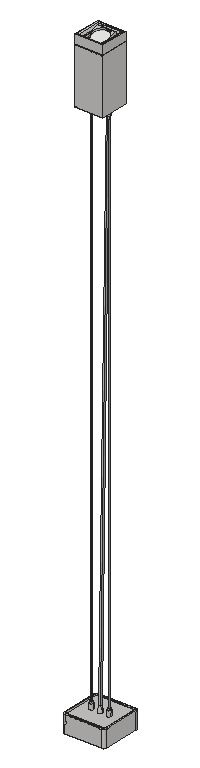
Revit family "Lighting-Luminii-Leto_44_P_A_LRG new", category Lighting Fixtures, host Face, Revit 2020
Family settings
  Host = Face
  Round Connector Dimension = Use Diameter
  Part Type = Normal
  OmniClass Number = 23.80.70.11.14.11
  OmniClass Title = Downlights
  Cut with Voids When Loaded = No
  Light Source = Yes
  Shared = Yes
  Room Calculation Point = No
Parameters (values of type "Leto 44 P A LRG")
  Width = 0' - 3 189/256"  # constant formula
  Wattage Comments = "6.5W"
  Wattage = 6.49954 W
  Warranty URL = "https://www.luminii.com/terms-conditions/"
  built-in parameter 1150110 = 1 (stored number, unit not read)
  Voltage Comments = "120V | 277V | 347V"  # constant formula
  Voltage = 120 V
  Version = "2020 - v1.0a"  # constant formula
  URL = "https://www.luminii.com/"
  built-in parameter 1114217 = 1 (stored number, unit not read)
  Tilt Angle = -90.00°  # constant formula
  built-in parameter 1150109 = 1 (stored number, unit not read)
  built-in parameter 1150134 = (empty or 0)
  built-in parameter 1150113 = 1 (stored number, unit not read)
  Support Phone = "224-699-9545"  # constant formula
  Support Email = "mailto:support@bimsmith.com"
  Product Page URL = "https://www.luminii.com/product/leto-44-p-a-lrg/"
  Power Source Type = "Driver"  # constant formula
  Power Factor = 1
  Photometric Web File = "702A-A90-615-30-07-00.ies"
  Phase = 1
  Operating Temperature = "Consult Manufacturer Website for more Information"  # constant formula
  Number of Poles = if(and(or(Voltage = 120 V, Voltage = 277 V), Phase = 1), 1, if(and(or(Voltage = 208 V, Voltage = 240 V), Phase = 1), 2, if(and(or(Voltage = 208 V, Voltage = 240 V), Phase = 3), 3, if(and(Voltage > 300 V, Phase = 1), 2, if(and(Voltage > 400 V, Phase = 3), 3, 1)))))  # 1
  Mounting Method = "Ceiling Mount"  # constant formula
  Model = "702A"  # constant formula
  Manufacturer Phone Number = "403-216-7043"  # constant formula
  Manufacturer Email = "mailto: info@sensolighting.com"
  Manufacturer Address = "302 50 Ave SE. Calgary, Alberta, T2G 2A9 Canada"  # constant formula
  Manufacturer = "Luminii"  # constant formula
  built-in parameter 1150105 = 55.704 (stored number, unit not read)
  Lumens = 700 lm
  Luminaire Type = "Asymmetric LED Pendant Downlight"  # constant formula
  built-in parameter 1150115 = 1 (stored number, unit not read)
  Load Classification = Lighting
  built-in parameter 1150137 = (empty or 0)
  built-in parameter 1150139 = (empty or 0)
  Lens Material = Plastic - Luminii - Frosted Lens
  built-in parameter 1150112 = 1 (stored number, unit not read)
  built-in parameter 1150114 = 1 (stored number, unit not read)
  Lamp Life = 1
  Lamp = "LED"  # constant formula
  Keynote = "26 50 00"
  built-in parameter 1150132 = 2
  built-in parameter 1150102 = (empty or 0)
  built-in parameter 1150107 = 3500 (stored number, unit not read)
  Initial Color Comments = "Perfomance based on 3500K Photometric Web File"  # constant formula
  built-in parameter 1150138 = (empty or 0)
  built-in parameter 1150106 = 0.55704 (stored number, unit not read)
  Housing Protection Rating = "Consult Manufacturer Website for more Information"  # constant formula
  Height = 0' - 8 169/256"  # constant formula
  Has Dimming = 1 = 1  # yes
  Has Battery Backup = 0 = 1  # no
  Frequency Comments = ""  # constant formula
  Frequency = 60 Hz
  Finish = Metal - Luminii - Silver Anodized Aluminum
  Environment = "Indoor"  # constant formula
  built-in parameter 1150104 = 10.006 (stored number, unit not read)
  Dimming Type = "Consult Manufacturer Website for more Information"  # constant formula
  Dimming Lamp Color Temperature Shift = <None>
  Description = "Asymmetric LED Pendant Downlight"  # constant formula
  Depth = 0' - 3 189/256"  # constant formula
  Default Elevation = 0' - 0"  # constant formula
  Current Amps = 50 A
  Copyright = "©2024 Luminii"  # constant formula
  Control Zone = "Consult Manufacturer Website for more Information"  # constant formula
  Control Type = "Consult Manufacturer Website for more Information"  # constant formula
  Constraints = 1  # constant formula
  Color Filter = 16777215
  built-in parameter 1114216 [instance] = 0  # (empty or 0)
  Canopy Finish = Metal - Luminii - Silver Anodized Aluminum
  built-in parameter 1140040 [instance] = 1 = 1  # 1
  CCT = "3500K"
  C Canopy Offset [instance] = 0' - 2 9/32"  # constant formula
  Desired Cable Length [instance] = 6' - 0"
  built-in parameter 1114218 = 1 (stored number, unit not read)
  built-in parameter 1150133 = 10 (stored number, unit not read)
  Assembly Code = "D5020200"
  Apparent Load = Wattage / Power Factor  # 6.49954 VA
  Actual Cable Length [instance] = if(Desired Cable Length < 1' 0", 1' 0", if(Desired Cable Length > 8' 0", 8' 0", Desired Cable Length))  # 6' - 0"
Reference planes (in)
  plane 1 "Center (Front/Back)": y = 0
  plane 2: z = 0
  plane 3 "Center (Left/Right)": x = 0
  plane 4: x = 0
  plane 5: x = 0
  plane 6: y = 1.86914
  plane 7: y = -1.86914
  plane 8 "B": z = 2.28125
  plane 9 "A": z = 74.28125
  plane 10: z = 82.94141
Forms (in)
  Extrusion 1, solid, material "Metal - Luminii - Silver Anodized Aluminum", not visible
    sketch origin (0, 0, 0) x (1, 0, 0) y (0, 1, 0)
      loop
        circle (0, 0) r 0.5
    from 0 to -0.17225
  Blend 2, solid, material "Metal - Luminii - Silver Anodized Aluminum"
    base sketch origin (0, 0, 2.99287) x (-1, 0, 0) y (0, -1, 0)
      loop
        circle (0, 0) r 0.115
    top sketch origin (0, 0, 2.99287) x (-1, 0, 0) y (0, -1, 0)
      loop
        circle (0, -1.1811) r 0.115
    from 0 to 71.75019
Dimensions and locks (in)
  equal spacing: plane 4, plane 3 "Center (Left/Right)", plane 5
  equal spacing: plane 6, plane 1 "Center (Front/Back)", plane 7
  plane 4 to plane 5 = 0' - 0"
  "Width": plane 6 to plane 7
  "C Canopy Offset": plane 8 "B" to host face
  "Actual Cable Length": plane 9 "A" to plane 8 "B"
  "Height": plane 10 to plane 9 "A"
  locked: plane 10 to imposter light at 0.57739
  aligned and locked: plane 2 to host face
  aligned and locked: plane 3 "Center (Left/Right)" to Extrusion 1 sketch curve
  aligned and locked: plane 1 "Center (Front/Back)" to Extrusion 1 sketch curve
  aligned and locked: plane 2 to Extrusion 1  (x2)
  aligned and locked: imposter light to plane 3 "Center (Left/Right)"
  aligned and locked: imposter light to plane 1 "Center (Front/Back)"
  aligned and locked: plane 3 "Center (Left/Right)" to nested 1
  aligned and locked: plane 1 "Center (Front/Back)" to nested 1
  aligned and locked: plane 3 "Center (Left/Right)" to nested 2
  aligned and locked: nested 2 to plane 1 "Center (Front/Back)"
  aligned and locked: Blend 2 to nested 1
Automatic sketch dimensions
  host sketch curve to host sketch curve = 8' - 0"  (x2)
  radius of Extrusion 1 sketch curve = 0' - 0 1/2"
Nested families (in)
  nested 1: "Nested - Lamp" at (0, 0, 74.28125), type "Nested - Lamp"
  nested 2: "Nested - Canopy" at (0, 0, 0) x (0, 1, 0) z (0, 0, 1), type "Default"
Connectors (in)
  electrical at (0, 0, 0), driven by "Number of Poles", driven by "Load Classification", driven by "Voltage", driven by "Apparent Load", driven by "Power Factor"
    settings: on Extrusion 1, index 1, voltage 120 V, apparent load 6.49954 VA, apparent load phase1 0 VA, apparent load phase2 0 VA, apparent load phase3 0 VA, power factor 1, load classification "Lighting", number of poles 1, system type 30, power factor state 1, is connector primary yes, connector utility no, sub classification motor no, connector description "Power Connection"
Definition of nested family "Nested - Lamp"
  Parameters (values of type "Nested - Lamp")
    Width = 0' - 3.74016"  # constant formula
    Screen Material = none
    Inner Screen = none
    Height = 0' - 6.49606"  # constant formula
    Finish = none
    Default Elevation = 4' - 0"
    Constraint = 3
  Reference planes (in)
    plane 1 "Center (Front/Back)": y = 0
    plane 2: z = 0
    plane 3 "Center (Left/Right)": x = 0
    plane 4: y = 1.87008
    plane 5: y = -1.87008
    plane 6: x = -1.87008
    plane 7: x = 1.87008
  Forms (in)
    Extrusion 1, solid
      sketch origin (0, 0, 0) x (1, 0, 0) y (0, 1, 0)
        loop
          line (-48, 48) -> (-48, -48) -> (48, -48) -> (48, 48) -> (-48, 48)
      from 0 to -12
    Sweep 2, solid, material <- "Finish", detail levels medium+fine
      path origin (-0.03362, 1.25, 6.49606) x (0, 1, 0) y (-1, 0, 0)
        loop
          line (0.62008, -1.9037) -> (0.62008, 1.83645) -> (-3.12008, 1.83645) -> (-3.12008, -1.9037) -> (0.62008, -1.9037)
      profile origin (1.87008, 0, 6.49606) x (1, 0, 0) y (0, 0, 1)
        loop
          line (0, -6.49606) -> (0, 0.88583) -> (-0.07874, 0.88583) -> (-0.07874, 1.00394) -> (0, 1.00394) -> (0, 2.16535) -> (-0.10635, 2.16535) -> (-0.27543, 2.11469) -> (-0.47227, 1.77165) -> (-0.53051, 1.77165) -> (-0.54899, 1.56046)
          arc (-0.54899, 1.56046) -> (-0.57675, 1.53916) -> (-0.60039, 1.56496) r 0.0259
          line (-0.60039, 1.56496) -> (-0.63719, 1.82677) -> (-0.68091, 1.82677) -> (-0.72263, 1.81076) -> (-0.72263, 1.37029) -> (-0.21654, 1.37029) -> (-0.21654, -6.29921) -> (-0.07874, -6.29921) -> (-0.07874, -6.49606) -> (0, -6.49606)
    Extrusion 3, solid, material <- "Screen Material"
      sketch origin (0, 0.08395, 7.93849) x (1, 0, 0) y (0, 0.951057, 0.309017)
        loop
          circle (0, 0) r 1.10584
      from 0.14567 to 0.15757
    Extrusion 4, solid, material <- "Finish"
      sketch origin (1.59205, 1.40403, 9.02768) x (0, -0.951057, -0.309017) y (1, 0, 0)
        loop
          circle (1.59205, -1.59205) r 1.14745
        loop
          line (2.78122, -2.78122) -> (2.78122, -0.40289) -> (0.40289, -0.40289) -> (0.40289, -2.78122) -> (2.78122, -2.78122)
      from -0.48228 to -0.23031
    Extrusion 5, solid, material <- "Finish"
      sketch origin (1.59205, 1.40403, 9.02768) x (0, -0.951057, -0.309017) y (1, 0, 0)
        loop
          circle (1.59205, -1.59205) r 1.14745
      from -0.48228 to -0.62795
    Extrusion 6, solid, material <- "Finish"
      sketch origin (-0.03362, 1.25, 8.28705) x (0, 1, 0) y (-1, 0, 0)
        loop
          line (-3.06102, -1.84465) -> (0.56102, -1.84465) -> (0.56102, 1.7774) -> (-3.06102, 1.7774) -> (-3.06102, -1.84465)
        loop
          line (-2.4311, -0.30922) -> (-1.84055, -0.30922)
          arc (-1.84055, -0.30922) -> (-1.61784, -0.40147) -> (-1.52559, -0.62418) r 0.31496
          line (-1.52559, -0.62418) -> (-1.52559, -1.21473)
          arc (-1.52559, -1.21473) -> (-1.25, -1.49032) -> (-0.97441, -1.21473) r 0.27559
          line (-0.97441, -1.21473) -> (-0.97441, -0.62418)
          arc (-0.97441, -0.62418) -> (-0.88216, -0.40147) -> (-0.65945, -0.30922) r 0.31496
          line (-0.65945, -0.30922) -> (-0.0689, -0.30922)
          arc (-0.0689, -0.30922) -> (0.20669, -0.03362) -> (-0.0689, 0.24197) r 0.27559
          line (-0.0689, 0.24197) -> (-0.65945, 0.24197)
          arc (-0.65945, 0.24197) -> (-0.88216, 0.33422) -> (-0.97441, 0.55693) r 0.31496
          line (-0.97441, 0.55693) -> (-0.97441, 1.14748)
          arc (-0.97441, 1.14748) -> (-1.25, 1.42307) -> (-1.52559, 1.14748) r 0.27559
          line (-1.52559, 1.14748) -> (-1.52559, 0.55693)
          arc (-1.52559, 0.55693) -> (-1.61784, 0.33422) -> (-1.84055, 0.24197) r 0.31496
          line (-1.84055, 0.24197) -> (-2.4311, 0.24197)
          arc (-2.4311, 0.24197) -> (-2.70669, -0.03362) -> (-2.4311, -0.30922) r 0.27559
      from -8.1649 to -8.0902
    Extrusion 7, solid, material <- "Finish"
      sketch origin (-0.03362, 1.25, 8.28705) x (0, 1, 0) y (-1, 0, 0)
        loop
          line (-3.06102, -1.84465) -> (0.56102, -1.84465) -> (0.56102, 1.7774) -> (-3.06102, 1.7774) -> (-3.06102, -1.84465)
        loop
          arc (-0.48507, -0.44078) -> (-0.38346, -0.03362) -> (-0.48507, 0.37353) r 0.86654
          arc (-0.48507, 0.37353) -> (-0.58858, 0.40015) -> (-0.62431, 0.29942) r 0.07918
          arc (-0.62431, 0.29942) -> (-0.5412, -0.03362) -> (-0.62431, -0.36667) r 0.7088
          arc (-0.62431, -0.36667) -> (-0.58858, -0.4674) -> (-0.48507, -0.44078) r 0.07918
        loop
          arc (-2.01493, -0.44078) -> (-1.91142, -0.4674) -> (-1.87569, -0.36667) r 0.07918
          arc (-1.87569, -0.36667) -> (-1.9588, -0.03362) -> (-1.87569, 0.29942) r 0.7088
          arc (-1.87569, 0.29942) -> (-1.91142, 0.40015) -> (-2.01493, 0.37353) r 0.07918
          arc (-2.01493, 0.37353) -> (-2.11654, -0.03362) -> (-2.01493, -0.44078) r 0.86654
        loop
          arc (-1.65716, 0.73131) -> (-1.68378, 0.62779) -> (-1.58304, 0.59206) r 0.07918
          arc (-1.58304, 0.59206) -> (-1.25, 0.67518) -> (-0.91696, 0.59206) r 0.7088
          arc (-0.91696, 0.59206) -> (-0.81622, 0.62779) -> (-0.84284, 0.73131) r 0.07918
          arc (-0.84284, 0.73131) -> (-1.25, 0.83292) -> (-1.65716, 0.73131) r 0.86654
        loop
          arc (-1.65716, -0.79856) -> (-1.25, -0.90017) -> (-0.84284, -0.79856) r 0.86654
          arc (-0.84284, -0.79856) -> (-0.81622, -0.69504) -> (-0.91696, -0.65931) r 0.07918
          arc (-0.91696, -0.65931) -> (-1.25, -0.74243) -> (-1.58304, -0.65931) r 0.7088
          arc (-1.58304, -0.65931) -> (-1.68378, -0.69504) -> (-1.65716, -0.79856) r 0.07918
      from -7.77524 to -7.71544
    Revolve 8, solid
      sketch origin (0, 0, 0) x (1, 0, 0) y (0, 0, 1)
        loop
          line (-1.17126, -1.14219) -> (-1.0627, -1.14219) -> (-1.0627, -0.70819) -> (-0.97426, -0.70819) -> (-0.97426, 0.51181) -> (-1.17126, 0.51181) -> (-1.17126, -1.14219)
        axis (-1.17126, -1.14219) -> (-1.17126, 0.51181)
      angle from 0 to 360
    Revolve 9, solid
      sketch origin (0, 0, 0) x (-1, 0, 0) y (0, 0, 1)
        loop
          line (-1.17126, -1.14219) -> (-1.0627, -1.14219) -> (-1.0627, -0.70819) -> (-0.97426, -0.70819) -> (-0.97426, 0.51181) -> (-1.17126, 0.51181) -> (-1.17126, -1.14219)
        axis (-1.17126, -1.14219) -> (-1.17126, 0.51181)
      angle from 0 to 360
    Sweep 10, solid, material <- "Finish", detail levels coarse
      path origin (-0.03362, 1.25, 6.49606) x (0, 1, 0) y (-1, 0, 0)
        loop
          line (0.62008, -1.9037) -> (0.62008, 1.83645) -> (-3.12008, 1.83645) -> (-3.12008, -1.9037) -> (0.62008, -1.9037)
      profile origin (1.87008, 0, 6.49606) x (1, 0, 0) y (0, 0, 1)
        loop
          line (0, -6.49606) -> (0, 2.16535) -> (-0.10635, 2.16535) -> (-0.68091, 1.99317) -> (-0.68091, 1.37029) -> (-0.21654, 1.37029) -> (-0.21654, -6.29921) -> (-0.07874, -6.29921) -> (-0.07874, -6.49606) -> (0, -6.49606)
    Extrusion 11, solid
      sketch origin (-0.03362, 1.25, 0.51181) x (-1, 0, 0) y (0, 1, 0)
        loop
          circle (-0.03362, -0.0689) r 0.23
      from 0 to 0.05
  Lines and regions (in)
    reference lines
      curve 1: line (0, -0.25, 8.19685) -> (0, 0.25, 8.19685)
  Dimensions and locks (in)
    equal spacing: plane 4, plane 1 "Center (Front/Back)", plane 5
    "Width": plane 4 to plane 5
    equal spacing: plane 6, plane 3 "Center (Left/Right)", plane 7
    "Width": plane 6 to plane 7
    aligned and locked: plane 2 to Extrusion 1
    aligned and locked: level to Extrusion 1
    aligned and locked: Sweep 2 sketch curve to plane 7
    aligned and locked: plane 6 to Sweep 2 sketch curve
    aligned and locked: Sweep 2 sketch curve to plane 4
    aligned and locked: plane 5 to Sweep 2 sketch curve
  Automatic sketch dimensions
    Extrusion 1 sketch curve to Extrusion 1 sketch curve = 8' - 0"  (x2)
    profile plane to Sweep 2 sketch curve = 0' - 0"  (x2)
    Sweep 2 sketch curve to Sweep 2 sketch curve = 0' - 0.07874"  (x2)
    profile plane to Sweep 2 sketch curve = 0' - 0.21654"
    profile plane to Sweep 2 sketch curve = 0' - 0.27543"
    Sweep 2 sketch curve to Sweep 2 sketch curve = 0' - 0.19684"
    Sweep 2 sketch curve to Sweep 2 sketch curve = 0' - 0.05825"
    Sweep 2 sketch curve to Sweep 2 sketch curve = 0' - 0.01848"
    Sweep 2 sketch curve to Sweep 2 sketch curve = 0' - 0.0255"
    Sweep 2 sketch curve to Sweep 2 sketch curve = 0' - 0.0259"
    Sweep 2 sketch curve to Sweep 2 sketch curve = 0' - 0.10667"
    Sweep 2 sketch curve to Sweep 2 sketch curve = 0' - 0.04373"
    Sweep 2 sketch curve to Sweep 2 sketch curve = 0' - 0.12224"
    Sweep 2 sketch curve to profile plane = 0' - 6.49606"
    Sweep 2 sketch curve to Sweep 2 sketch curve = 0' - 0.19685"
    profile plane to Sweep 2 sketch curve = 0' - 0.88583"
    Sweep 2 sketch curve to Sweep 2 sketch curve = 0' - 0.11811"
    Sweep 2 sketch curve to Sweep 2 sketch curve = 0' - 0.36636"
    Sweep 2 sketch curve to Sweep 2 sketch curve = 0' - 0.19017"
    Sweep 2 sketch curve to Sweep 2 sketch curve = 0' - 0.21119"
    Sweep 2 sketch curve to Sweep 2 sketch curve = 0' - 0.0391"
    Sweep 2 sketch curve to Sweep 2 sketch curve = 0' - 0.01601"
    Sweep 2 sketch curve to Sweep 2 sketch curve = 0' - 0.34303"
    Sweep 2 sketch curve to Sweep 2 sketch curve = 0' - 0.05067"
    Sweep 2 sketch curve to Sweep 2 sketch curve = 0' - 0.10635"
    Extrusion 6 sketch curve to plane 3 "Center (Left/Right)" = 0' - 0"  (x2)
    plane 1 "Center (Front/Back)" to Extrusion 6 sketch curve = 0' - 0"  (x2)
    plane 1 "Center (Front/Back)" to Extrusion 6 sketch curve = 0' - 0.27559"  (x2)
    Extrusion 6 sketch curve to Extrusion 6 sketch curve = 0' - 0.31496"  (x4)
    plane 3 "Center (Left/Right)" to Extrusion 6 sketch curve = 0' - 0.27559"
    Extrusion 6 sketch curve to Extrusion 6 sketch curve = 0' - 0.59055"  (x4)
    Extrusion 6 sketch curve to plane 5 = 0' - 0.05906"
    Extrusion 6 sketch curve to plane 3 "Center (Left/Right)" = 0' - 0.27559"
    Extrusion 6 sketch curve to plane 4 = 0' - 0.05906"
    Extrusion 6 sketch curve to plane 7 = 0' - 0.05906"
    Extrusion 6 sketch curve to plane 6 = 0' - 0.05906"
    Extrusion 7 sketch curve to Extrusion 7 sketch curve = 0' - 0"  (x58)
    plane 1 "Center (Front/Back)" to Extrusion 7 sketch curve = 0' - 0"
    Extrusion 7 sketch curve to plane 3 "Center (Left/Right)" = 0' - 0"
    plane 1 "Center (Front/Back)" to Extrusion 7 sketch curve = 0' - 0.36388"  (x2)
    Extrusion 7 sketch curve to Extrusion 7 sketch curve = 0' - 0.33475"  (x8)
    Extrusion 7 sketch curve to plane 5 = 0' - 0.05906"
    Extrusion 7 sketch curve to plane 1 "Center (Front/Back)" = 0' - 0.36388"  (x2)
    plane 3 "Center (Left/Right)" to Extrusion 7 sketch curve = 0' - 0.36388"  (x2)
    Extrusion 7 sketch curve to plane 4 = 0' - 0.05906"
    Extrusion 7 sketch curve to plane 7 = 0' - 0.05906"
    Extrusion 7 sketch curve to plane 3 "Center (Left/Right)" = 0' - 0.36388"  (x2)
    Extrusion 7 sketch curve to plane 6 = 0' - 0.05906"
    Extrusion 7 sketch curve to Extrusion 7 sketch curve = 0' - 0.03084"  (x4)
    Extrusion 7 sketch curve to Extrusion 7 sketch curve = 0' - 0.04328"  (x4)
    Extrusion 7 sketch curve to Extrusion 7 sketch curve = 0' - 0.07293"  (x6)
    Extrusion 7 sketch curve to Extrusion 7 sketch curve = 0' - 0.06631"  (x2)
    Revolve 8 sketch curve to plane 6 = 0' - 0.69882"
    Revolve 8 sketch curve to Revolve 8 sketch curve = 0' - 0.10856"
    Revolve 8 sketch curve to Revolve 8 sketch curve = 0' - 0.197"
    Revolve 8 sketch curve to level = 0' - 1.14219"
    Revolve 8 sketch curve to Revolve 8 sketch curve = 0' - 0.434"
    level to Revolve 8 sketch curve = 0' - 0.51181"
    Revolve 8 sketch curve to Revolve 8 sketch curve = 0' - 0"  (x2)
    Revolve 8 sketch curve to Revolve 8 sketch curve = 0' - 0.81454"
    plane 7 to Revolve 9 sketch curve = 0' - 0.69882"
    Revolve 9 sketch curve to Revolve 9 sketch curve = 0' - 0.10856"
    Revolve 9 sketch curve to Revolve 9 sketch curve = 0' - 0.197"
    level to Revolve 9 sketch curve = 0' - 1.14219"
    Revolve 9 sketch curve to Revolve 9 sketch curve = 0' - 0.434"
    Revolve 9 sketch curve to level = 0' - 0.51181"
    Revolve 9 sketch curve to Revolve 9 sketch curve = 0' - 0"  (x2)
    Revolve 9 sketch curve to Revolve 9 sketch curve = 0' - 0.81454"
    plane 5 to Sweep 10 sketch curve = 0' - 0"
    Sweep 10 sketch curve to plane 4 = 0' - 0"
    Sweep 10 sketch curve to plane 7 = 0' - 0"
    Sweep 10 sketch curve to plane 6 = 0' - 0"
    profile plane to Sweep 10 sketch curve = 0' - 0"
    profile plane to Sweep 10 sketch curve = 0' - 0.07874"
    Sweep 10 sketch curve to Sweep 10 sketch curve = 0' - 0.1378"
    profile plane to Sweep 10 sketch curve = 0' - 0.68091"
    Sweep 10 sketch curve to profile plane = 0' - 6.49606"
    Sweep 10 sketch curve to Sweep 10 sketch curve = 0' - 0.19685"
    profile plane to Sweep 10 sketch curve = 0' - 1.37029"
    Sweep 10 sketch curve to Sweep 10 sketch curve = 0' - 0.62288"
    Sweep 10 sketch curve to Sweep 10 sketch curve = 0' - 0.17218"
    Sweep 10 sketch curve to Sweep 10 sketch curve = 0' - 0.10635"
    Extrusion 7 to Extrusion 11 sketch curve = 0' - 0.62992"
    Extrusion 7 to Extrusion 11 sketch curve = 0' - 1.81102"
    curve 1 to plane 4 = 0' - 2.12008"
    curve 1 to plane 4 = 0' - 1.62008"
    level to curve 1 = 0' - 8.19685"
    Extrusion 3 sketch curve to plane 3 "Center (Left/Right)" = 0' - 0"
    Extrusion 4 sketch curve to plane 3 "Center (Left/Right)" = 0' - 0"
    Extrusion 4 sketch curve to plane 7 = 0' - 0.68091"
    Extrusion 4 sketch curve to Extrusion 4 sketch curve = 0' - 1.18916"  (x2)
    Extrusion 4 sketch curve to plane 6 = 0' - 0.68091"
    Extrusion 5 sketch curve to plane 3 "Center (Left/Right)" = 0' - 0"
    radius of Extrusion 11 sketch curve = 0' - 0.23"
    radius of Extrusion 3 sketch curve = 0' - 1.10584"
    radius of Extrusion 4 sketch curve = 0' - 1.14745"
    radius of Extrusion 5 sketch curve = 0' - 1.14745"
Definition of nested family "Nested - Canopy"
  Parameters (values of type "Default")
    Square Canopy = no
    Round Canopy = yes
    Finish = none
    Feed Cable = 0' - 0.23"  # constant formula
    Default Elevation = 0' - 0"
    Cable Length = 6' - 0"
    Base = 0' - 5.67117"
    Aircraft Cable = 0' - 0.05"  # constant formula
  Reference planes (in)
    plane 1 "Center (Front/Back)": y = 0
    plane 2: z = 0
    plane 3 "Center (Left/Right)": x = 0
    plane 4: z = 74.28346
    plane 5: z = 2.28346
    plane 6: x = 2.83559
    plane 7: x = -2.83559
    plane 8: y = -2.83559
    plane 9: y = 2.83559
  Forms (in)
    Sweep 1, solid, material <- "Finish", detail levels medium+fine
      path origin (0, 0, 0) x (1, 0, 0) y (0, 1, 0)
        loop
          arc (-2.41835, 2.83559) -> (-2.71338, 2.71338) -> (-2.83559, 2.41835) r 0.41723
          line (-2.83559, 2.41835) -> (-2.83559, -2.41878)
          arc (-2.83559, -2.41878) -> (-2.71351, -2.71351) -> (-2.41878, -2.83559) r 0.4168
          line (-2.41878, -2.83559) -> (2.41578, -2.83559)
          arc (2.41578, -2.83559) -> (2.71263, -2.71263) -> (2.83559, -2.41578) r 0.41981
          line (2.83559, -2.41578) -> (2.83559, 2.41269)
          arc (2.83559, 2.41269) -> (2.71172, 2.71172) -> (2.41269, 2.83559) r 0.42289
          line (2.41269, 2.83559) -> (-2.41835, 2.83559)
      profile origin (-0.00283, 2.83559, 0) x (0, 1, 0) y (0, 0, 1)
        loop
          line (0, 0) -> (-0.07854, 2.24916)
          arc (-0.07854, 2.24916) -> (-0.08859, 2.27342) -> (-0.11284, 2.28346) r 0.0343
          line (-0.11284, 2.28346) -> (-0.22278, 2.28346) -> (-0.22278, 0) -> (0, 0)
    Extrusion 2, solid, material <- "Finish", detail levels medium+fine
      sketch origin (0, 0, 0) x (1, 0, 0) y (0, 1, 0)
        loop
          arc (-2.41835, 2.6128) -> (-2.55585, 2.55585) -> (-2.6128, 2.41835) r 0.19445
          line (-2.6128, 2.41835) -> (-2.6128, -2.41878)
          arc (-2.6128, -2.41878) -> (-2.55597, -2.55597) -> (-2.41878, -2.6128) r 0.19402
          line (-2.41878, -2.6128) -> (2.41578, -2.6128)
          arc (2.41578, -2.6128) -> (2.55509, -2.55509) -> (2.6128, -2.41578) r 0.19702
          line (2.6128, -2.41578) -> (2.6128, 2.41269)
          arc (2.6128, 2.41269) -> (2.55419, 2.55419) -> (2.41269, 2.6128) r 0.20011
          line (2.41269, 2.6128) -> (-2.41835, 2.6128)
      from 0 to 2.20472
    Revolve 3, solid, detail levels medium+fine
      sketch origin (0, -0.60039, 0) x (0, 1, 0) y (0, 0, 1)
        loop
          line (2.02756, 2.20472) -> (2.02756, 2.80697) -> (1.93924, 2.80697) -> (1.93924, 3.00382) -> (1.77165, 3.00382) -> (1.77165, 2.20472) -> (2.02756, 2.20472)
        axis (1.77165, 2.20472) -> (1.77165, 3.00382)
      angle from 0 to 360
    Revolve 4, solid, detail levels medium+fine
      sketch origin (0, 0.60039, 0) x (0, -1, 0) y (0, 0, 1)
        loop
          line (2.02756, 2.20472) -> (2.02756, 2.80697) -> (1.93924, 2.80697) -> (1.93924, 3.00382) -> (1.77165, 3.00382) -> (1.77165, 2.20472) -> (2.02756, 2.20472)
        axis (1.77165, 2.20472) -> (1.77165, 3.00382)
      angle from 0 to 360
    Revolve 5, solid, detail levels medium+fine
      sketch origin (0, 0, 0) x (0, 1, 0) y (0, 0, 1)
        loop
          line (0, 2.99287) -> (0, 2.20472) -> (0.29574, 2.20472) -> (0.17677, 2.99287) -> (0, 2.99287)
        axis (0, 2.99287) -> (0, 2.20472)
      angle from 0 to 360
    Extrusion 6, solid, material <- "Finish", detail levels coarse
      sketch origin (0, 0, 0) x (1, 0, 0) y (0, 1, 0)
        loop
          line (-2.83559, 2.83559) -> (-2.83559, -2.83559) -> (2.83559, -2.83559) -> (2.83559, 2.83559) -> (-2.83559, 2.83559)
      from 0 to 2.28346
    Revolve 7, solid, detail levels coarse
      sketch origin (0, -0.60039, 0) x (0, 1, 0) y (0, 0, 1)
        loop
          line (2.02756, 2.28346) -> (2.02756, 2.80697) -> (1.93924, 2.80697) -> (1.93924, 3.00382) -> (1.77165, 3.00382) -> (1.77165, 2.28346) -> (2.02756, 2.28346)
        axis (1.77165, 2.28346) -> (1.77165, 3.00382)
      angle from 0 to 360
    Revolve 8, solid, detail levels coarse
      sketch origin (0, 0.60039, 0) x (0, -1, 0) y (0, 0, 1)
        loop
          line (2.02756, 2.28346) -> (2.02756, 2.80697) -> (1.93924, 2.80697) -> (1.93924, 3.00382) -> (1.77165, 3.00382) -> (1.77165, 2.28346) -> (2.02756, 2.28346)
        axis (1.77165, 2.28346) -> (1.77165, 3.00382)
      angle from 0 to 360
    Revolve 9, solid, detail levels coarse
      sketch origin (0, 0, 0) x (0, 1, 0) y (0, 0, 1)
        loop
          line (0, 2.99287) -> (0, 2.28346) -> (0.28386, 2.28346) -> (0.17677, 2.99287) -> (0, 2.99287)
        axis (0, 2.99287) -> (0, 2.28346)
      angle from 0 to 360
    Extrusion 10, solid
      sketch origin (0, 0, 0) x (1, 0, 0) y (0, 1, 0)
        loop
          circle (0, 1.17126) r 0.025
        loop
          circle (0, -1.17126) r 0.025
      from 3.00382 to 74.28346
  Dimensions and locks (in)
    "Cable Length": plane 5 to plane 4
    equal spacing: plane 7, plane 3 "Center (Left/Right)", plane 6
    equal spacing: plane 9, plane 1 "Center (Front/Back)", plane 8
    "Base": plane 9 to plane 8
    "Base": plane 7 to plane 6
    aligned and locked: plane 2 to level
    aligned and locked: Sweep 1 sketch curve to plane 9
    aligned and locked: Sweep 1 sketch curve to plane 7
    aligned and locked: Sweep 1 sketch curve to plane 8
    aligned and locked: Sweep 1 sketch curve to plane 6
    aligned and locked: Extrusion 6 sketch curve to plane 9
    aligned and locked: Extrusion 6 sketch curve to plane 7
    aligned and locked: Extrusion 6 sketch curve to plane 8
    aligned and locked: Extrusion 6 sketch curve to plane 6
    aligned and locked: Extrusion 10 to Revolve 3
    aligned and locked: plane 4 to Extrusion 10
  Automatic sketch dimensions
    Sweep 1 sketch curve to plane 7 = 0' - 0.4168"
    Sweep 1 sketch curve to plane 7 = 0' - 0.41723"
    Sweep 1 sketch curve to Sweep 1 sketch curve = 0' - 0.42289"
    Sweep 1 sketch curve to plane 6 = 0' - 0.41981"
    Sweep 1 sketch curve to level = 0' - 0"
    Sweep 1 sketch curve to profile plane = 0' - 0"
    profile plane to Sweep 1 sketch curve = 0' - 0.07854"
    Sweep 1 sketch curve to Sweep 1 sketch curve = 0' - 0.0343"
    profile plane to Sweep 1 sketch curve = 0' - 0.22278"
    level to Sweep 1 sketch curve = 0' - 2.24916"
    Extrusion 2 sketch curve to plane 7 = 0' - 0.22278"
    Extrusion 2 sketch curve to plane 8 = 0' - 0.22278"
    Extrusion 2 sketch curve to Extrusion 2 sketch curve = 0' - 0.19402"
    Extrusion 2 sketch curve to plane 9 = 0' - 0.22278"
    Extrusion 2 sketch curve to Extrusion 2 sketch curve = 0' - 0.19445"
    Extrusion 2 sketch curve to plane 6 = 0' - 0.42289"
    Extrusion 2 sketch curve to plane 6 = 0' - 0.41981"
    Extrusion 2 sketch curve to Extrusion 2 sketch curve = 0' - 0.19702"
    plane 5 to Revolve 3 sketch curve = 0' - 0.07874"
    Revolve 3 sketch curve to plane 9 = 0' - 1.66433"
    Revolve 3 sketch curve to Revolve 3 sketch curve = 0' - 0.16759"
    Revolve 3 sketch curve to Revolve 3 sketch curve = 0' - 0.08831"
    Revolve 3 sketch curve to plane 5 = 0' - 0.5235"
    Revolve 3 sketch curve to Revolve 3 sketch curve = 0' - 0.19685"
    Revolve 3 sketch curve to Revolve 3 sketch curve = 0' - 0"  (x2)
    Revolve 3 sketch curve to Revolve 3 sketch curve = 0' - 0.11398"
    Revolve 4 sketch curve to plane 5 = 0' - 0.07874"
    plane 8 to Revolve 4 sketch curve = 0' - 1.66433"
    Revolve 4 sketch curve to Revolve 4 sketch curve = 0' - 0.16759"
    Revolve 4 sketch curve to Revolve 4 sketch curve = 0' - 0.08831"
    plane 5 to Revolve 4 sketch curve = 0' - 0.5235"
    Revolve 4 sketch curve to Revolve 4 sketch curve = 0' - 0.19685"
    Revolve 4 sketch curve to Revolve 4 sketch curve = 0' - 0"  (x2)
    Revolve 4 sketch curve to Revolve 4 sketch curve = 0' - 0.11398"
    Revolve 5 sketch curve to plane 1 "Center (Front/Back)" = 0' - 0"  (x2)
    Revolve 5 sketch curve to Revolve 5 sketch curve = 0' - 0.17677"
    plane 5 to Revolve 5 sketch curve = 0' - 0.07874"
    Revolve 5 sketch curve to plane 1 "Center (Front/Back)" = 0' - 0.29574"
    Revolve 5 sketch curve to plane 5 = 0' - 0.70941"
    Revolve 5 sketch curve to Revolve 5 sketch curve = 0' - 0.15349"
    Revolve 5 sketch curve to Revolve 5 sketch curve = 0' - 0 1/4"
    plane 5 to Revolve 7 sketch curve = 0' - 0"
    Revolve 7 sketch curve to plane 9 = 0' - 1.66433"
    Revolve 7 sketch curve to Revolve 7 sketch curve = 0' - 0.16759"
    Revolve 7 sketch curve to Revolve 7 sketch curve = 0' - 0.08831"
    Revolve 7 sketch curve to plane 5 = 0' - 0.5235"
    Revolve 7 sketch curve to Revolve 7 sketch curve = 0' - 0.19685"
    Revolve 7 sketch curve to Revolve 7 sketch curve = 0' - 0"  (x2)
    Revolve 7 sketch curve to Revolve 7 sketch curve = 0' - 0.11398"
    Revolve 9 sketch curve to plane 1 "Center (Front/Back)" = 0' - 0"  (x2)
    plane 5 to Revolve 9 sketch curve = 0' - 0"
    Revolve 9 sketch curve to Revolve 9 sketch curve = 0' - 0.17677"
    Revolve 9 sketch curve to plane 1 "Center (Front/Back)" = 0' - 0.28386"
    Revolve 9 sketch curve to Revolve 9 sketch curve = 0' - 0.70941"
    Revolve 9 sketch curve to Revolve 9 sketch curve = 0' - 0.15349"
    Revolve 9 sketch curve to Revolve 9 sketch curve = 0' - 0 1/4"
    plane 5 to Revolve 8 sketch curve = 0' - 0"
    plane 8 to Revolve 8 sketch curve = 0' - 1.66433"
    Revolve 8 sketch curve to Revolve 8 sketch curve = 0' - 0.16759"
    Revolve 8 sketch curve to Revolve 8 sketch curve = 0' - 0.08831"
    Revolve 8 sketch curve to Revolve 8 sketch curve = 0' - 0.5235"
    Revolve 8 sketch curve to Revolve 8 sketch curve = 0' - 0.19685"
    Revolve 8 sketch curve to Revolve 8 sketch curve = 0' - 0"  (x2)
    Revolve 8 sketch curve to Revolve 8 sketch curve = 0' - 0.11398"
    Extrusion 10 sketch curve to plane 3 "Center (Left/Right)" = 0' - 0"  (x2)
    Extrusion 10 sketch curve to plane 8 = 0' - 1.66433"
    Extrusion 10 sketch curve to plane 9 = 0' - 1.66433"
    radius of Extrusion 10 sketch curve = 0' - 0.025"  (x2)
